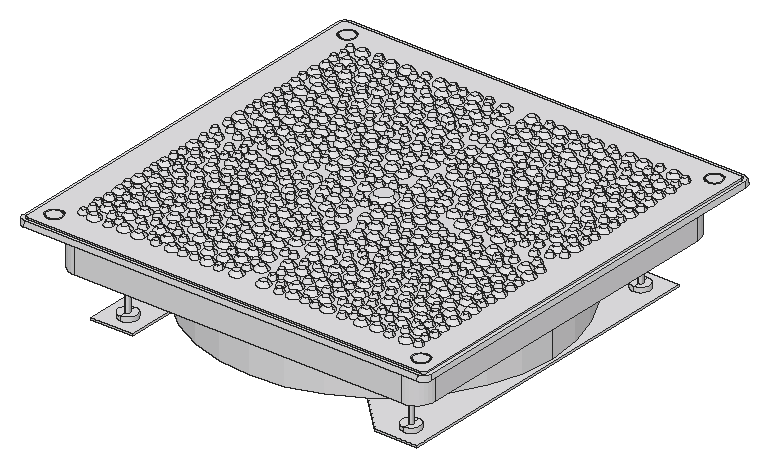
Revit family "Shower-Rainhead-KOHLER-REAL_RAIN-76728GL_1", category Plumbing Fixtures, host Face, Revit 2017 (continued)
Definition of nested family "76728GL"
  Forms (in)
    Blend 329, solid, detail levels medium+fine
      top sketch origin (-7.13072, -5.58205, 0) x (-1, 0, 0) y (0, -1, 0)
        loop
          circle (-7.85379, -7.80181) r 0.11854
      from 4.48819 to 4.64961
    Blend 330, solid, detail levels medium+fine
      base sketch origin (-5.44577, -6.12952, 0) x (-1, 0, 0) y (0, -1, 0)
        loop
          circle (-7.85379, -7.80181) r 0.19685
      top sketch origin (-5.44577, -6.12952, 0) x (-1, 0, 0) y (0, -1, 0)
        loop
          circle (-7.85379, -7.80181) r 0.11854
      from 4.48819 to 4.64961
    Blend 331, solid, detail levels medium+fine
      base sketch origin (-5.19714, -5.66191, 0) x (-1, 0, 0) y (0, -1, 0)
        loop
          circle (-7.85379, -7.80181) r 0.19685
      top sketch origin (-5.19714, -5.66191, 0) x (-1, 0, 0) y (0, -1, 0)
        loop
          circle (-7.85379, -7.80181) r 0.11854
      from 4.48819 to 4.64961
    Blend 332, solid, detail levels medium+fine
      base sketch origin (-4.68225, -5.41066, 0) x (-1, 0, 0) y (0, -1, 0)
        loop
          circle (-7.85379, -7.80181) r 0.19685
      top sketch origin (-4.68225, -5.41066, 0) x (-1, 0, 0) y (0, -1, 0)
        loop
          circle (-7.85379, -7.80181) r 0.11854
      from 4.48819 to 4.64961
    Blend 333, solid, detail levels medium+fine
      base sketch origin (-4.3512, -5.01612, 0) x (-1, 0, 0) y (0, -1, 0)
        loop
          circle (-7.85379, -7.80181) r 0.19685
      top sketch origin (-4.3512, -5.01612, 0) x (-1, 0, 0) y (0, -1, 0)
        loop
          circle (-7.85379, -7.80181) r 0.11854
      from 4.48819 to 4.64961
    Blend 334, solid, detail levels medium+fine
      base sketch origin (-3.63709, -5.5944, 0) x (-1, 0, 0) y (0, -1, 0)
        loop
          circle (-7.85379, -7.80181) r 0.19685
      top sketch origin (-3.63709, -5.5944, 0) x (-1, 0, 0) y (0, -1, 0)
        loop
          circle (-7.85379, -7.80181) r 0.11854
      from 4.48819 to 4.64961
    Blend 335, solid, detail levels medium+fine
      base sketch origin (-3.15174, -4.92637, 0) x (-1, 0, 0) y (0, -1, 0)
        loop
          circle (-7.85379, -7.80181) r 0.19685
      top sketch origin (-3.15174, -4.92637, 0) x (-1, 0, 0) y (0, -1, 0)
        loop
          circle (-7.85379, -7.80181) r 0.11854
      from 4.48819 to 4.64961
    Blend 336, solid, detail levels medium+fine
      base sketch origin (-4.00009, -3.84052, 0) x (-1, 0, 0) y (0, -1, 0)
        loop
          circle (-7.85379, -7.80181) r 0.19685
      top sketch origin (-4.00009, -3.84052, 0) x (-1, 0, 0) y (0, -1, 0)
        loop
          circle (-7.85379, -7.80181) r 0.11854
      from 4.48819 to 4.64961
    Blend 337, solid, detail levels medium+fine
      base sketch origin (-5.08661, -4.01261, 0) x (-1, 0, 0) y (0, -1, 0)
        loop
          circle (-7.85379, -7.80181) r 0.19685
      top sketch origin (-5.08661, -4.01261, 0) x (-1, 0, 0) y (0, -1, 0)
        loop
          circle (-7.85379, -7.80181) r 0.11854
      from 4.48819 to 4.64961
    Blend 338, solid, detail levels medium+fine
      base sketch origin (-5.76645, -3.94116, 0) x (-1, 0, 0) y (0, -1, 0)
        loop
          circle (-7.85379, -7.80181) r 0.19685
      top sketch origin (-5.76645, -3.94116, 0) x (-1, 0, 0) y (0, -1, 0)
        loop
          circle (-7.85379, -7.80181) r 0.11854
      from 4.48819 to 4.64961
    Blend 339, solid, detail levels medium+fine
      base sketch origin (-5.39187, -3.56657, 0) x (-1, 0, 0) y (0, -1, 0)
        loop
          circle (-7.85379, -7.80181) r 0.19685
      top sketch origin (-5.39187, -3.56657, 0) x (-1, 0, 0) y (0, -1, 0)
        loop
          circle (-7.85379, -7.80181) r 0.11854
      from 4.48819 to 4.64961
    Blend 340, solid, detail levels medium+fine
      base sketch origin (-6.17927, -3.56657, 0) x (-1, 0, 0) y (0, -1, 0)
        loop
          circle (-7.85379, -7.80181) r 0.19685
      top sketch origin (-6.17927, -3.56657, 0) x (-1, 0, 0) y (0, -1, 0)
        loop
          circle (-7.85379, -7.80181) r 0.11854
      from 4.48819 to 4.64961
    Blend 341, solid, detail levels medium+fine
      base sketch origin (-7.09044, -3.74369, 0) x (-1, 0, 0) y (0, -1, 0)
        loop
          circle (-7.85379, -7.80181) r 0.19685
      top sketch origin (-7.09044, -3.74369, 0) x (-1, 0, 0) y (0, -1, 0)
        loop
          circle (-7.85379, -7.80181) r 0.11854
      from 4.48819 to 4.64961
    Blend 342, solid, detail levels medium+fine
      base sketch origin (-7.54077, -3.66428, 0) x (-1, 0, 0) y (0, -1, 0)
        loop
          circle (-7.85379, -7.80181) r 0.19685
      top sketch origin (-7.54077, -3.66428, 0) x (-1, 0, 0) y (0, -1, 0)
        loop
          circle (-7.85379, -7.80181) r 0.11854
      from 4.48819 to 4.64961
    Blend 343, solid, detail levels medium+fine
      base sketch origin (-6.98399, -4.22106, 0) x (-1, 0, 0) y (0, -1, 0)
        loop
          circle (-7.85379, -7.80181) r 0.19685
      top sketch origin (-6.98399, -4.22106, 0) x (-1, 0, 0) y (0, -1, 0)
        loop
          circle (-7.85379, -7.80181) r 0.11854
      from 4.48819 to 4.64961
    Blend 344, solid, detail levels medium+fine
      base sketch origin (-7.21914, -4.62835, 0) x (-1, 0, 0) y (0, -1, 0)
        loop
          circle (-7.85379, -7.80181) r 0.19685
      top sketch origin (-7.21914, -4.62835, 0) x (-1, 0, 0) y (0, -1, 0)
        loop
          circle (-7.85379, -7.80181) r 0.11854
      from 4.48819 to 4.64961
    Blend 345, solid, detail levels medium+fine
      base sketch origin (-6.35688, -4.62835, 0) x (-1, 0, 0) y (0, -1, 0)
        loop
          circle (-7.85379, -7.80181) r 0.19685
      top sketch origin (-6.35688, -4.62835, 0) x (-1, 0, 0) y (0, -1, 0)
        loop
          circle (-7.85379, -7.80181) r 0.11854
      from 4.48819 to 4.64961
    Blend 346, solid, detail levels medium+fine
      base sketch origin (-5.25454, -4.53191, 0) x (-1, 0, 0) y (0, -1, 0)
        loop
          circle (-7.85379, -7.80181) r 0.19685
      top sketch origin (-5.25454, -4.53191, 0) x (-1, 0, 0) y (0, -1, 0)
        loop
          circle (-7.85379, -7.80181) r 0.11854
      from 4.48819 to 4.64961
    Blend 347, solid, detail levels medium+fine
      base sketch origin (-4.9788, -3.42599, 0) x (-1, 0, 0) y (0, -1, 0)
        loop
          circle (-7.85379, -7.80181) r 0.19685
      top sketch origin (-4.9788, -3.42599, 0) x (-1, 0, 0) y (0, -1, 0)
        loop
          circle (-7.85379, -7.80181) r 0.11854
      from 4.48819 to 4.64961
    Blend 348, solid, detail levels medium+fine
      base sketch origin (-4.07231, -4.39808, 0) x (-1, 0, 0) y (0, -1, 0)
        loop
          circle (-7.85379, -7.80181) r 0.19685
      top sketch origin (-4.07231, -4.39808, 0) x (-1, 0, 0) y (0, -1, 0)
        loop
          circle (-7.85379, -7.80181) r 0.11854
      from 4.48819 to 4.64961
    Blend 349, solid, detail levels medium+fine
      base sketch origin (-4.25708, -3.23152, 0) x (-1, 0, 0) y (0, -1, 0)
        loop
          circle (-7.85379, -7.80181) r 0.19685
      top sketch origin (-4.25708, -3.23152, 0) x (-1, 0, 0) y (0, -1, 0)
        loop
          circle (-7.85379, -7.80181) r 0.11854
      from 4.48819 to 4.64961
    Blend 350, solid, detail levels medium+fine
      base sketch origin (-4.06819, -2.71257, 0) x (-1, 0, 0) y (0, -1, 0)
        loop
          circle (-7.85379, -7.80181) r 0.19685
      top sketch origin (-4.06819, -2.71257, 0) x (-1, 0, 0) y (0, -1, 0)
        loop
          circle (-7.85379, -7.80181) r 0.11854
      from 4.48819 to 4.64961
    Blend 351, solid, detail levels medium+fine
      base sketch origin (-5.36187, -2.80303, 0) x (-1, 0, 0) y (0, -1, 0)
        loop
          circle (-7.85379, -7.80181) r 0.19685
      top sketch origin (-5.36187, -2.80303, 0) x (-1, 0, 0) y (0, -1, 0)
        loop
          circle (-7.85379, -7.80181) r 0.11854
      from 4.48819 to 4.64961
    Blend 352, solid, detail levels medium+fine
      base sketch origin (-3.46801, -1.75325, 0) x (-1, 0, 0) y (0, -1, 0)
        loop
          circle (-7.85379, -7.80181) r 0.19685
      top sketch origin (-3.46801, -1.75325, 0) x (-1, 0, 0) y (0, -1, 0)
        loop
          circle (-7.85379, -7.80181) r 0.11854
      from 4.48819 to 4.64961
    Blend 353, solid, detail levels medium+fine
      base sketch origin (-3.71758, -2.28847, 0) x (-1, 0, 0) y (0, -1, 0)
        loop
          circle (-7.85379, -7.80181) r 0.19685
      top sketch origin (-3.71758, -2.28847, 0) x (-1, 0, 0) y (0, -1, 0)
        loop
          circle (-7.85379, -7.80181) r 0.11854
      from 4.48819 to 4.64961
    Blend 354, solid, detail levels medium+fine
      base sketch origin (-5.07811, -1.6249, 0) x (-1, 0, 0) y (0, -1, 0)
        loop
          circle (-7.85379, -7.80181) r 0.19685
      top sketch origin (-5.07811, -1.6249, 0) x (-1, 0, 0) y (0, -1, 0)
        loop
          circle (-7.85379, -7.80181) r 0.11854
      from 4.48819 to 4.64961
    Blend 355, solid, detail levels medium+fine
      base sketch origin (-5.46194, -1.94697, 0) x (-1, 0, 0) y (0, -1, 0)
        loop
          circle (-7.85379, -7.80181) r 0.19685
      top sketch origin (-5.46194, -1.94697, 0) x (-1, 0, 0) y (0, -1, 0)
        loop
          circle (-7.85379, -7.80181) r 0.11854
      from 4.48819 to 4.64961
    Blend 356, solid, detail levels medium+fine
      base sketch origin (-6.49561, -2.20469, 0) x (-1, 0, 0) y (0, -1, 0)
        loop
          circle (-7.85379, -7.80181) r 0.19685
      top sketch origin (-6.49561, -2.20469, 0) x (-1, 0, 0) y (0, -1, 0)
        loop
          circle (-7.85379, -7.80181) r 0.11854
      from 4.48819 to 4.64961
    Blend 357, solid, detail levels medium+fine
      base sketch origin (-6.98682, -2.07307, 0) x (-1, 0, 0) y (0, -1, 0)
        loop
          circle (-7.85379, -7.80181) r 0.19685
      top sketch origin (-6.98682, -2.07307, 0) x (-1, 0, 0) y (0, -1, 0)
        loop
          circle (-7.85379, -7.80181) r 0.11854
      from 4.48819 to 4.64961
    Blend 358, solid, detail levels medium+fine
      base sketch origin (-4.64222, -1.78519, 0) x (-1, 0, 0) y (0, -1, 0)
        loop
          circle (-7.85379, -7.80181) r 0.19685
      top sketch origin (-4.64222, -1.78519, 0) x (-1, 0, 0) y (0, -1, 0)
        loop
          circle (-7.85379, -7.80181) r 0.11854
      from 4.48819 to 4.64961
    Blend 359, solid, detail levels medium+fine
      base sketch origin (-6.06948, -1.11965, 0) x (-1, 0, 0) y (0, -1, 0)
        loop
          circle (-7.85379, -7.80181) r 0.19685
      top sketch origin (-6.06948, -1.11965, 0) x (-1, 0, 0) y (0, -1, 0)
        loop
          circle (-7.85379, -7.80181) r 0.11854
      from 4.48819 to 4.64961
    Blend 360, solid, detail levels medium+fine
      base sketch origin (-5.09062, -1.01677, 0) x (-1, 0, 0) y (0, -1, 0)
        loop
          circle (-7.85379, -7.80181) r 0.19685
      top sketch origin (-5.09062, -1.01677, 0) x (-1, 0, 0) y (0, -1, 0)
        loop
          circle (-7.85379, -7.80181) r 0.11854
      from 4.48819 to 4.64961
    Blend 361, solid, detail levels medium+fine
      base sketch origin (-3.64343, -1.01677, 0) x (-1, 0, 0) y (0, -1, 0)
        loop
          circle (-7.85379, -7.80181) r 0.19685
      top sketch origin (-3.64343, -1.01677, 0) x (-1, 0, 0) y (0, -1, 0)
        loop
          circle (-7.85379, -7.80181) r 0.11854
      from 4.48819 to 4.64961
    Blend 362, solid, detail levels medium+fine
      base sketch origin (-3.18902, -1.27913, 0) x (-1, 0, 0) y (0, -1, 0)
        loop
          circle (-7.85379, -7.80181) r 0.19685
      top sketch origin (-3.18902, -1.27913, 0) x (-1, 0, 0) y (0, -1, 0)
        loop
          circle (-7.85379, -7.80181) r 0.11854
      from 4.48819 to 4.64961
    Blend 363, solid, detail levels medium+fine
      base sketch origin (-4.12496, -0.71675, 0) x (-1, 0, 0) y (0, -1, 0)
        loop
          circle (-7.85379, -7.80181) r 0.19685
      top sketch origin (-4.12496, -0.71675, 0) x (-1, 0, 0) y (0, -1, 0)
        loop
          circle (-7.85379, -7.80181) r 0.11854
      from 4.48819 to 4.64961
    Blend 364, solid, detail levels medium+fine
      base sketch origin (-7.25732, -1.04598, 0) x (-1, 0, 0) y (0, -1, 0)
        loop
          circle (-7.85379, -7.80181) r 0.19685
      top sketch origin (-7.25732, -1.04598, 0) x (-1, 0, 0) y (0, -1, 0)
        loop
          circle (-7.85379, -7.80181) r 0.11854
      from 4.48819 to 4.64961
    Blend 365, solid, detail levels medium+fine
      base sketch origin (-7.25732, -0.52471, 0) x (-1, 0, 0) y (0, -1, 0)
        loop
          circle (-7.85379, -7.80181) r 0.19685
      top sketch origin (-7.25732, -0.52471, 0) x (-1, 0, 0) y (0, -1, 0)
        loop
          circle (-7.85379, -7.80181) r 0.11854
      from 4.48819 to 4.64961
    Blend 366, solid, detail levels medium+fine
      base sketch origin (-5.26036, 0.04791, 0) x (-1, 0, 0) y (0, -1, 0)
        loop
          circle (-7.85379, -7.80181) r 0.19685
      top sketch origin (-5.26036, 0.04791, 0) x (-1, 0, 0) y (0, -1, 0)
        loop
          circle (-7.85379, -7.80181) r 0.11854
      from 4.48819 to 4.64961
    Blend 367, solid, detail levels medium+fine
      base sketch origin (-6.43984, 0.10973, 0) x (-1, 0, 0) y (0, -1, 0)
        loop
          circle (-7.85379, -7.80181) r 0.19685
      top sketch origin (-6.43984, 0.10973, 0) x (-1, 0, 0) y (0, -1, 0)
        loop
          circle (-7.85379, -7.80181) r 0.11854
      from 4.48819 to 4.64961
    Blend 368, solid, detail levels medium+fine
      base sketch origin (-6.67879, -0.30414, 0) x (-1, 0, 0) y (0, -1, 0)
        loop
          circle (-7.85379, -7.80181) r 0.19685
      top sketch origin (-6.67879, -0.30414, 0) x (-1, 0, 0) y (0, -1, 0)
        loop
          circle (-7.85379, -7.80181) r 0.11854
      from 4.48819 to 4.64961
    Blend 369, solid, detail levels medium+fine
      base sketch origin (-4.7533, 0.10513, 0) x (-1, 0, 0) y (0, -1, 0)
        loop
          circle (-7.85379, -7.80181) r 0.19685
      top sketch origin (-4.7533, 0.10513, 0) x (-1, 0, 0) y (0, -1, 0)
        loop
          circle (-7.85379, -7.80181) r 0.11854
      from 4.48819 to 4.64961
    Blend 370, solid, detail levels medium+fine
      base sketch origin (-3.48769, 0.10513, 0) x (-1, 0, 0) y (0, -1, 0)
        loop
          circle (-7.85379, -7.80181) r 0.19685
      top sketch origin (-3.48769, 0.10513, 0) x (-1, 0, 0) y (0, -1, 0)
        loop
          circle (-7.85379, -7.80181) r 0.11854
      from 4.48819 to 4.64961
    Blend 371, solid, detail levels medium+fine
      base sketch origin (-3.12201, -0.15093, 0) x (-1, 0, 0) y (0, -1, 0)
        loop
          circle (-7.85379, -7.80181) r 0.19685
      top sketch origin (-3.12201, -0.15093, 0) x (-1, 0, 0) y (0, -1, 0)
        loop
          circle (-7.85379, -7.80181) r 0.11854
      from 4.48819 to 4.64961
    Blend 372, solid, detail levels medium+fine
      base sketch origin (-1.39035, -0.04876, 0) x (-1, 0, 0) y (0, -1, 0)
        loop
          circle (-7.30834, -7.84791) r 0.29156
      top sketch origin (-1.39035, -0.04876, 0) x (-1, 0, 0) y (0, -1, 0)
        loop
          circle (-7.30834, -7.84791) r 0.15606
      from 4.48819 to 4.65
    Blend 373, solid, detail levels medium+fine
      base sketch origin (-2.52047, -5.48086, 0) x (-1, 0, 0) y (0, -1, 0)
        loop
          circle (-7.30834, -7.84791) r 0.29156
      top sketch origin (-2.52047, -5.48086, 0) x (-1, 0, 0) y (0, -1, 0)
        loop
          circle (-7.30834, -7.84791) r 0.15606
      from 4.48819 to 4.65
    Blend 374, solid, detail levels medium+fine
      base sketch origin (-2.53284, -5.24171, 0) x (-1, 0, 0) y (0, -1, 0)
        loop
          circle (-7.85379, -7.80181) r 0.19685
      top sketch origin (-2.53284, -5.24171, 0) x (-1, 0, 0) y (0, -1, 0)
        loop
          circle (-7.85379, -7.80181) r 0.11854
      from 4.48819 to 4.64961
    Blend 375, solid, detail levels medium+fine
      base sketch origin (-5.62798, -5.13362, 0) x (-1, 0, 0) y (0, -1, 0)
        loop
          circle (-7.85379, -7.80181) r 0.19685
      top sketch origin (-5.62798, -5.13362, 0) x (-1, 0, 0) y (0, -1, 0)
        loop
          circle (-7.85379, -7.80181) r 0.11854
      from 4.48819 to 4.64961
    Blend 376, solid, detail levels medium+fine
      base sketch origin (-5.22972, -5.78888, 0) x (-1, 0, 0) y (0, -1, 0)
        loop
          circle (-7.30834, -7.84791) r 0.29156
      top sketch origin (-5.22972, -5.78888, 0) x (-1, 0, 0) y (0, -1, 0)
        loop
          circle (-7.30834, -7.84791) r 0.15606
      from 4.48819 to 4.65
    Blend 377, solid, detail levels medium+fine
      base sketch origin (-5.71711, -5.30149, 0) x (-1, 0, 0) y (0, -1, 0)
        loop
          circle (-7.30834, -7.84791) r 0.29156
      top sketch origin (-5.71711, -5.30149, 0) x (-1, 0, 0) y (0, -1, 0)
        loop
          circle (-7.30834, -7.84791) r 0.15606
      from 4.48819 to 4.65
    Blend 378, solid, detail levels medium+fine
      base sketch origin (-6.28821, -5.03518, 0) x (-1, 0, 0) y (0, -1, 0)
        loop
          circle (-7.30834, -7.84791) r 0.29156
      top sketch origin (-6.28821, -5.03518, 0) x (-1, 0, 0) y (0, -1, 0)
        loop
          circle (-7.30834, -7.84791) r 0.15606
      from 4.48819 to 4.65
    Blend 379, solid, detail levels medium+fine
      base sketch origin (-4.5606, -6.6462, 0) x (-1, 0, 0) y (0, -1, 0)
        loop
          circle (-7.30834, -7.84791) r 0.29156
      top sketch origin (-4.5606, -6.6462, 0) x (-1, 0, 0) y (0, -1, 0)
        loop
          circle (-7.30834, -7.84791) r 0.15606
      from 4.48819 to 4.65
    Blend 380, solid, detail levels medium+fine
      base sketch origin (-6.15635, -5.93567, 0) x (-1, 0, 0) y (0, -1, 0)
        loop
          circle (-7.30834, -7.84791) r 0.29156
      top sketch origin (-6.15635, -5.93567, 0) x (-1, 0, 0) y (0, -1, 0)
        loop
          circle (-7.30834, -7.84791) r 0.15606
      from 4.48819 to 4.65
    Blend 381, solid, detail levels medium+fine
      base sketch origin (-5.32118, -6.77084, 0) x (-1, 0, 0) y (0, -1, 0)
        loop
          circle (-7.30834, -7.84791) r 0.29156
      top sketch origin (-5.32118, -6.77084, 0) x (-1, 0, 0) y (0, -1, 0)
        loop
          circle (-7.30834, -7.84791) r 0.15606
      from 4.48819 to 4.65
    Blend 382, solid, detail levels medium+fine
      base sketch origin (-6.00255, -6.58826, 0) x (-1, 0, 0) y (0, -1, 0)
        loop
          circle (-7.30834, -7.84791) r 0.29156
      top sketch origin (-6.00255, -6.58826, 0) x (-1, 0, 0) y (0, -1, 0)
        loop
          circle (-7.30834, -7.84791) r 0.15606
      from 4.48819 to 4.65
    Blend 383, solid, detail levels medium+fine
      base sketch origin (-6.81064, -6.12171, 0) x (-1, 0, 0) y (0, -1, 0)
        loop
          circle (-7.30834, -7.84791) r 0.29156
      top sketch origin (-6.81064, -6.12171, 0) x (-1, 0, 0) y (0, -1, 0)
        loop
          circle (-7.30834, -7.84791) r 0.15606
      from 4.48819 to 4.65
    Blend 384, solid, detail levels medium+fine
      base sketch origin (-6.6578, -6.69214, 0) x (-1, 0, 0) y (0, -1, 0)
        loop
          circle (-7.30834, -7.84791) r 0.29156
      top sketch origin (-6.6578, -6.69214, 0) x (-1, 0, 0) y (0, -1, 0)
        loop
          circle (-7.30834, -7.84791) r 0.15606
      from 4.48819 to 4.65
    Blend 385, solid, detail levels medium+fine
      base sketch origin (-5.16069, -7.32763, 0) x (-1, 0, 0) y (0, -1, 0)
        loop
          circle (-7.30834, -7.84791) r 0.29156
      top sketch origin (-5.16069, -7.32763, 0) x (-1, 0, 0) y (0, -1, 0)
        loop
          circle (-7.30834, -7.84791) r 0.15606
      from 4.48819 to 4.65
    Blend 386, solid, detail levels medium+fine
      base sketch origin (-4.48435, -7.28033, 0) x (-1, 0, 0) y (0, -1, 0)
        loop
          circle (-7.30834, -7.84791) r 0.29156
      top sketch origin (-4.48435, -7.28033, 0) x (-1, 0, 0) y (0, -1, 0)
        loop
          circle (-7.30834, -7.84791) r 0.15606
      from 4.48819 to 4.65
    Blend 387, solid, detail levels medium+fine
      base sketch origin (-1.17297, -7.07796, 0) x (-1, 0, 0) y (0, -1, 0)
        loop
          circle (-7.85379, -7.80181) r 0.19685
      top sketch origin (-1.17297, -7.07796, 0) x (-1, 0, 0) y (0, -1, 0)
        loop
          circle (-7.85379, -7.80181) r 0.11854
      from 4.48819 to 4.64961
    Blend 388, solid, detail levels medium+fine
      base sketch origin (-7.65763, -2.25778, 0) x (-1, 0, 0) y (0, -1, 0)
        loop
          circle (-7.85379, -7.80181) r 0.19685
      top sketch origin (-7.65763, -2.25778, 0) x (-1, 0, 0) y (0, -1, 0)
        loop
          circle (-7.85379, -7.80181) r 0.11854
      from 4.48819 to 4.64961
    Blend 389, solid, detail levels medium+fine
      base sketch origin (0, 0, 0) x (-1, 0, 0) y (0, -1, 0)
        loop
          circle (-7.30834, 7.84791) r 0.29156
      top sketch origin (0, 0, 0) x (-1, 0, 0) y (0, -1, 0)
        loop
          circle (-7.30834, 7.84791) r 0.15606
      from 4.48819 to 4.65
    Blend 390, solid, detail levels medium+fine
      base sketch origin (-2.0876, 0, 0) x (-1, 0, 0) y (0, -1, 0)
        loop
          circle (-7.30834, 7.84791) r 0.29156
      top sketch origin (-2.0876, 0, 0) x (-1, 0, 0) y (0, -1, 0)
        loop
          circle (-7.30834, 7.84791) r 0.15606
      from 4.48819 to 4.65
    Blend 391, solid, detail levels medium+fine
      base sketch origin (-3.6624, 0, 0) x (-1, 0, 0) y (0, -1, 0)
        loop
          circle (-7.30834, 7.84791) r 0.29156
      top sketch origin (-3.6624, 0, 0) x (-1, 0, 0) y (0, -1, 0)
        loop
          circle (-7.30834, 7.84791) r 0.15606
      from 4.48819 to 4.65
    Blend 392, solid, detail levels medium+fine
      base sketch origin (-5.30487, 0.02461, 0) x (-1, 0, 0) y (0, -1, 0)
        loop
          circle (-7.30834, 7.84791) r 0.29156
      top sketch origin (-5.30487, 0.02461, 0) x (-1, 0, 0) y (0, -1, 0)
        loop
          circle (-7.30834, 7.84791) r 0.15606
      from 4.48819 to 4.65
    Blend 393, solid, detail levels medium+fine
      base sketch origin (-6.68282, 0, 0) x (-1, 0, 0) y (0, -1, 0)
        loop
          circle (-7.30834, 7.84791) r 0.29156
      top sketch origin (-6.68282, 0, 0) x (-1, 0, 0) y (0, -1, 0)
        loop
          circle (-7.30834, 7.84791) r 0.15606
      from 4.48819 to 4.65
    Blend 394, solid, detail levels medium+fine
      base sketch origin (0.0289, 0.83652, 0) x (-1, 0, 0) y (0, -1, 0)
        loop
          circle (-7.30834, 7.84791) r 0.29156
      top sketch origin (0.0289, 0.83652, 0) x (-1, 0, 0) y (0, -1, 0)
        loop
          circle (-7.30834, 7.84791) r 0.15606
      from 4.48819 to 4.65
    Blend 395, solid, detail levels medium+fine
      base sketch origin (-0.9243, 0.90317, 0) x (-1, 0, 0) y (0, -1, 0)
        loop
          circle (-7.30834, 7.84791) r 0.29156
      top sketch origin (-0.9243, 0.90317, 0) x (-1, 0, 0) y (0, -1, 0)
        loop
          circle (-7.30834, 7.84791) r 0.15606
      from 4.48819 to 4.65
    Blend 396, solid, detail levels medium+fine
      base sketch origin (-2.48199, 0.76689, 0) x (-1, 0, 0) y (0, -1, 0)
        loop
          circle (-7.30834, 7.84791) r 0.29156
      top sketch origin (-2.48199, 0.76689, 0) x (-1, 0, 0) y (0, -1, 0)
        loop
          circle (-7.30834, 7.84791) r 0.15606
      from 4.48819 to 4.65
    Blend 397, solid, detail levels medium+fine
      base sketch origin (-3.09051, 0.45684, 0) x (-1, 0, 0) y (0, -1, 0)
        loop
          circle (-7.30834, 7.84791) r 0.29156
      top sketch origin (-3.09051, 0.45684, 0) x (-1, 0, 0) y (0, -1, 0)
        loop
          circle (-7.30834, 7.84791) r 0.15606
      from 4.48819 to 4.65
    Blend 398, solid, detail levels medium+fine
      base sketch origin (-4.16835, 0.50258, 0) x (-1, 0, 0) y (0, -1, 0)
        loop
          circle (-7.30834, 7.84791) r 0.29156
      top sketch origin (-4.16835, 0.50258, 0) x (-1, 0, 0) y (0, -1, 0)
        loop
          circle (-7.30834, 7.84791) r 0.15606
      from 4.48819 to 4.65
    Blend 399, solid, detail levels medium+fine
      base sketch origin (-4.89122, 0.60418, 0) x (-1, 0, 0) y (0, -1, 0)
        loop
          circle (-7.30834, 7.84791) r 0.29156
      top sketch origin (-4.89122, 0.60418, 0) x (-1, 0, 0) y (0, -1, 0)
        loop
          circle (-7.30834, 7.84791) r 0.15606
      from 4.48819 to 4.65
    Blend 400, solid, detail levels medium+fine
      base sketch origin (-5.61857, 0.59148, 0) x (-1, 0, 0) y (0, -1, 0)
        loop
          circle (-7.30834, 7.84791) r 0.29156
      top sketch origin (-5.61857, 0.59148, 0) x (-1, 0, 0) y (0, -1, 0)
        loop
          circle (-7.30834, 7.84791) r 0.15606
      from 4.48819 to 4.65
    Blend 401, solid, detail levels medium+fine
      base sketch origin (-6.14053, 0.9848, 0) x (-1, 0, 0) y (0, -1, 0)
        loop
          circle (-7.30834, 7.84791) r 0.29156
      top sketch origin (-6.14053, 0.9848, 0) x (-1, 0, 0) y (0, -1, 0)
        loop
          circle (-7.30834, 7.84791) r 0.15606
      from 4.48819 to 4.65
    Blend 402, solid, detail levels medium+fine
      base sketch origin (-6.85018, 1.66347, 0) x (-1, 0, 0) y (0, -1, 0)
        loop
          circle (-7.30834, 7.84791) r 0.29156
      top sketch origin (-6.85018, 1.66347, 0) x (-1, 0, 0) y (0, -1, 0)
        loop
          circle (-7.30834, 7.84791) r 0.15606
      from 4.48819 to 4.65
    Blend 403, solid, detail levels medium+fine
      base sketch origin (-6.157, 1.60283, 0) x (-1, 0, 0) y (0, -1, 0)
        loop
          circle (-7.30834, 7.84791) r 0.29156
      top sketch origin (-6.157, 1.60283, 0) x (-1, 0, 0) y (0, -1, 0)
        loop
          circle (-7.30834, 7.84791) r 0.15606
      from 4.48819 to 4.65
    Blend 404, solid, detail levels medium+fine
      base sketch origin (-5.55442, 1.83414, 0) x (-1, 0, 0) y (0, -1, 0)
        loop
          circle (-7.30834, 7.84791) r 0.29156
      top sketch origin (-5.55442, 1.83414, 0) x (-1, 0, 0) y (0, -1, 0)
        loop
          circle (-7.30834, 7.84791) r 0.15606
      from 4.48819 to 4.65
    Blend 405, solid, detail levels medium+fine
      base sketch origin (-5.00582, 1.40553, 0) x (-1, 0, 0) y (0, -1, 0)
        loop
          circle (-7.30834, 7.84791) r 0.29156
      top sketch origin (-5.00582, 1.40553, 0) x (-1, 0, 0) y (0, -1, 0)
        loop
          circle (-7.30834, 7.84791) r 0.15606
      from 4.48819 to 4.65
    Blend 406, solid, detail levels medium+fine
      base sketch origin (-4.00507, 1.211, 0) x (-1, 0, 0) y (0, -1, 0)
        loop
          circle (-7.30834, 7.84791) r 0.29156
      top sketch origin (-4.00507, 1.211, 0) x (-1, 0, 0) y (0, -1, 0)
        loop
          circle (-7.30834, 7.84791) r 0.15606
      from 4.48819 to 4.65
    Blend 407, solid, detail levels medium+fine
      base sketch origin (-3.45712, 1.6091, 0) x (-1, 0, 0) y (0, -1, 0)
        loop
          circle (-7.30834, 7.84791) r 0.29156
      top sketch origin (-3.45712, 1.6091, 0) x (-1, 0, 0) y (0, -1, 0)
        loop
          circle (-7.30834, 7.84791) r 0.15606
      from 4.48819 to 4.65
    Blend 408, solid, detail levels medium+fine
      base sketch origin (-2.30183, 1.85467, 0) x (-1, 0, 0) y (0, -1, 0)
        loop
          circle (-7.30834, 7.84791) r 0.29156
      top sketch origin (-2.30183, 1.85467, 0) x (-1, 0, 0) y (0, -1, 0)
        loop
          circle (-7.30834, 7.84791) r 0.15606
      from 4.48819 to 4.65
    Blend 409, solid, detail levels medium+fine
      base sketch origin (-1.18508, 1.47014, 0) x (-1, 0, 0) y (0, -1, 0)
        loop
          circle (-7.30834, 7.84791) r 0.29156
      top sketch origin (-1.18508, 1.47014, 0) x (-1, 0, 0) y (0, -1, 0)
        loop
          circle (-7.30834, 7.84791) r 0.15606
      from 4.48819 to 4.65
    Blend 410, solid, detail levels medium+fine
      base sketch origin (-1.03024, 2.19859, 0) x (-1, 0, 0) y (0, -1, 0)
        loop
          circle (-7.30834, 7.84791) r 0.29156
      top sketch origin (-1.03024, 2.19859, 0) x (-1, 0, 0) y (0, -1, 0)
        loop
          circle (-7.30834, 7.84791) r 0.15606
      from 4.48819 to 4.65
    Blend 411, solid, detail levels medium+fine
      base sketch origin (0.0373, 2.58312, 0) x (-1, 0, 0) y (0, -1, 0)
        loop
          circle (-7.30834, 7.84791) r 0.29156
      top sketch origin (0.0373, 2.58312, 0) x (-1, 0, 0) y (0, -1, 0)
        loop
          circle (-7.30834, 7.84791) r 0.15606
      from 4.48819 to 4.65
    Blend 412, solid, detail levels medium+fine
      base sketch origin (0.5041, 2.14094, 0) x (-1, 0, 0) y (0, -1, 0)
        loop
          circle (-7.30834, 7.84791) r 0.29156
      top sketch origin (0.5041, 2.14094, 0) x (-1, 0, 0) y (0, -1, 0)
        loop
          circle (-7.30834, 7.84791) r 0.15606
      from 4.48819 to 4.65
    Blend 413, solid, detail levels medium+fine
      base sketch origin (-0.55747, 1.64778, 0) x (-1, 0, 0) y (0, -1, 0)
        loop
          circle (-7.30834, 7.84791) r 0.29156
      top sketch origin (-0.55747, 1.64778, 0) x (-1, 0, 0) y (0, -1, 0)
        loop
          circle (-7.30834, 7.84791) r 0.15606
      from 4.48819 to 4.65
    Blend 414, solid, detail levels medium+fine
      base sketch origin (0.48833, 1.51937, 0) x (-1, 0, 0) y (0, -1, 0)
        loop
          circle (-7.30834, 7.84791) r 0.23622
      top sketch origin (0.48833, 1.51937, 0) x (-1, 0, 0) y (0, -1, 0)
        loop
          circle (-7.30834, 7.84791) r 0.11811
      from 4.48819 to 4.65
    Blend 415, solid, detail levels medium+fine
      base sketch origin (0.51294, 3.26642, 0) x (-1, 0, 0) y (0, -1, 0)
        loop
          circle (-7.30834, 7.84791) r 0.29156
      top sketch origin (0.51294, 3.26642, 0) x (-1, 0, 0) y (0, -1, 0)
        loop
          circle (-7.30834, 7.84791) r 0.15606
      from 4.48819 to 4.65
    Blend 416, solid, detail levels medium+fine
      base sketch origin (-0.38399, 3.04893, 0) x (-1, 0, 0) y (0, -1, 0)
        loop
          circle (-7.30834, 7.84791) r 0.29156
      top sketch origin (-0.38399, 3.04893, 0) x (-1, 0, 0) y (0, -1, 0)
        loop
          circle (-7.30834, 7.84791) r 0.15606
      from 4.48819 to 4.65
    Blend 417, solid, detail levels medium+fine
      base sketch origin (-0.015, 3.60051, 0) x (-1, 0, 0) y (0, -1, 0)
        loop
          circle (-7.30834, 7.84791) r 0.29156
      top sketch origin (-0.015, 3.60051, 0) x (-1, 0, 0) y (0, -1, 0)
        loop
          circle (-7.30834, 7.84791) r 0.15606
      from 4.48819 to 4.65
    Blend 418, solid, detail levels medium+fine
      base sketch origin (-1.03016, 2.98184, 0) x (-1, 0, 0) y (0, -1, 0)
        loop
          circle (-7.30834, 7.84791) r 0.29156
      top sketch origin (-1.03016, 2.98184, 0) x (-1, 0, 0) y (0, -1, 0)
        loop
          circle (-7.30834, 7.84791) r 0.15606
      from 4.48819 to 4.65
    Blend 419, solid, detail levels medium+fine
      base sketch origin (-1.12122, 3.6132, 0) x (-1, 0, 0) y (0, -1, 0)
        loop
          circle (-7.30834, 7.84791) r 0.29156
      top sketch origin (-1.12122, 3.6132, 0) x (-1, 0, 0) y (0, -1, 0)
        loop
          circle (-7.30834, 7.84791) r 0.15606
      from 4.48819 to 4.65
    Blend 420, solid, detail levels medium+fine
      base sketch origin (-2.28909, 3.01814, 0) x (-1, 0, 0) y (0, -1, 0)
        loop
          circle (-7.30834, 7.84791) r 0.29156
      top sketch origin (-2.28909, 3.01814, 0) x (-1, 0, 0) y (0, -1, 0)
        loop
          circle (-7.30834, 7.84791) r 0.15606
      from 4.48819 to 4.65
    Blend 421, solid, detail levels medium+fine
      base sketch origin (-1.68078, 4.04284, 0) x (-1, 0, 0) y (0, -1, 0)
        loop
          circle (-7.30834, 7.84791) r 0.29156
      top sketch origin (-1.68078, 4.04284, 0) x (-1, 0, 0) y (0, -1, 0)
        loop
          circle (-7.30834, 7.84791) r 0.15606
      from 4.48819 to 4.65
    Blend 422, solid, detail levels medium+fine
      base sketch origin (-2.96463, 2.95326, 0) x (-1, 0, 0) y (0, -1, 0)
        loop
          circle (-7.30834, 7.84791) r 0.29156
      top sketch origin (-2.96463, 2.95326, 0) x (-1, 0, 0) y (0, -1, 0)
        loop
          circle (-7.30834, 7.84791) r 0.15606
      from 4.48819 to 4.65
    Blend 423, solid, detail levels medium+fine
      base sketch origin (-2.84468, 3.93018, 0) x (-1, 0, 0) y (0, -1, 0)
        loop
          circle (-7.30834, 7.84791) r 0.29156
      top sketch origin (-2.84468, 3.93018, 0) x (-1, 0, 0) y (0, -1, 0)
        loop
          circle (-7.30834, 7.84791) r 0.15606
      from 4.48819 to 4.65
    Blend 424, solid, detail levels medium+fine
      base sketch origin (-4.4836, 2.40185, 0) x (-1, 0, 0) y (0, -1, 0)
        loop
          circle (-7.30834, 7.84791) r 0.29156
      top sketch origin (-4.4836, 2.40185, 0) x (-1, 0, 0) y (0, -1, 0)
        loop
          circle (-7.30834, 7.84791) r 0.15606
      from 4.48819 to 4.65
    Blend 425, solid, detail levels medium+fine
      base sketch origin (-3.79212, 2.30467, 0) x (-1, 0, 0) y (0, -1, 0)
        loop
          circle (-7.30834, 7.84791) r 0.29156
      top sketch origin (-3.79212, 2.30467, 0) x (-1, 0, 0) y (0, -1, 0)
        loop
          circle (-7.30834, 7.84791) r 0.15606
      from 4.48819 to 4.65
    Blend 426, solid, detail levels medium+fine
      base sketch origin (-1.96709, 2.46434, 0) x (-1, 0, 0) y (0, -1, 0)
        loop
          circle (-7.30834, 7.84791) r 0.29156
      top sketch origin (-1.96709, 2.46434, 0) x (-1, 0, 0) y (0, -1, 0)
        loop
          circle (-7.30834, 7.84791) r 0.15606
      from 4.48819 to 4.65
    Blend 427, solid, detail levels medium+fine
      base sketch origin (-4.20639, 2.98132, 0) x (-1, 0, 0) y (0, -1, 0)
        loop
          circle (-7.30834, 7.84791) r 0.29156
      top sketch origin (-4.20639, 2.98132, 0) x (-1, 0, 0) y (0, -1, 0)
        loop
          circle (-7.30834, 7.84791) r 0.15606
      from 4.48819 to 4.65
    Blend 428, solid, detail levels medium+fine
      base sketch origin (-3.98458, 3.87093, 0) x (-1, 0, 0) y (0, -1, 0)
        loop
          circle (-7.30834, 7.84791) r 0.29156
      top sketch origin (-3.98458, 3.87093, 0) x (-1, 0, 0) y (0, -1, 0)
        loop
          circle (-7.30834, 7.84791) r 0.15606
      from 4.48819 to 4.65
    Blend 429, solid, detail levels medium+fine
      base sketch origin (-5.24621, 2.46976, 0) x (-1, 0, 0) y (0, -1, 0)
        loop
          circle (-7.30834, 7.84791) r 0.29156
      top sketch origin (-5.24621, 2.46976, 0) x (-1, 0, 0) y (0, -1, 0)
        loop
          circle (-7.30834, 7.84791) r 0.15606
      from 4.48819 to 4.65
    Blend 430, solid, detail levels medium+fine
      base sketch origin (-5.24621, 3.15169, 0) x (-1, 0, 0) y (0, -1, 0)
        loop
          circle (-7.30834, 7.84791) r 0.29156
      top sketch origin (-5.24621, 3.15169, 0) x (-1, 0, 0) y (0, -1, 0)
        loop
          circle (-7.30834, 7.84791) r 0.15606
      from 4.48819 to 4.65
    Blend 431, solid, detail levels medium+fine
      base sketch origin (-5.86408, 2.80919, 0) x (-1, 0, 0) y (0, -1, 0)
        loop
          circle (-7.30834, 7.84791) r 0.29156
      top sketch origin (-5.86408, 2.80919, 0) x (-1, 0, 0) y (0, -1, 0)
        loop
          circle (-7.30834, 7.84791) r 0.15606
      from 4.48819 to 4.65
    Blend 432, solid, detail levels medium+fine
      base sketch origin (-6.1771, 3.39791, 0) x (-1, 0, 0) y (0, -1, 0)
        loop
          circle (-7.30834, 7.84791) r 0.29156
      top sketch origin (-6.1771, 3.39791, 0) x (-1, 0, 0) y (0, -1, 0)
        loop
          circle (-7.30834, 7.84791) r 0.15606
      from 4.48819 to 4.65
    Blend 433, solid, detail levels medium+fine
      base sketch origin (-6.48588, 2.70438, 0) x (-1, 0, 0) y (0, -1, 0)
        loop
          circle (-7.30834, 7.84791) r 0.29156
      top sketch origin (-6.48588, 2.70438, 0) x (-1, 0, 0) y (0, -1, 0)
        loop
          circle (-7.30834, 7.84791) r 0.15606
      from 4.48819 to 4.65
    Blend 434, solid, detail levels medium+fine
      base sketch origin (-6.92778, 3.19517, 0) x (-1, 0, 0) y (0, -1, 0)
        loop
          circle (-7.30834, 7.84791) r 0.29156
      top sketch origin (-6.92778, 3.19517, 0) x (-1, 0, 0) y (0, -1, 0)
        loop
          circle (-7.30834, 7.84791) r 0.15606
      from 4.48819 to 4.65
    Blend 435, solid, detail levels medium+fine
      base sketch origin (-7.03734, 4.23753, 0) x (-1, 0, 0) y (0, -1, 0)
        loop
          circle (-7.30834, 7.84791) r 0.29156
      top sketch origin (-7.03734, 4.23753, 0) x (-1, 0, 0) y (0, -1, 0)
        loop
          circle (-7.30834, 7.84791) r 0.15606
      from 4.48819 to 4.65
    Blend 436, solid, detail levels medium+fine
      base sketch origin (-5.91512, 4.17871, 0) x (-1, 0, 0) y (0, -1, 0)
        loop
          circle (-7.30834, 7.84791) r 0.29156
      top sketch origin (-5.91512, 4.17871, 0) x (-1, 0, 0) y (0, -1, 0)
        loop
          circle (-7.30834, 7.84791) r 0.15606
      from 4.48819 to 4.65
    Blend 437, solid, detail levels medium+fine
      base sketch origin (-5.24018, 4.58426, 0) x (-1, 0, 0) y (0, -1, 0)
        loop
          circle (-7.30834, 7.84791) r 0.29156
      top sketch origin (-5.24018, 4.58426, 0) x (-1, 0, 0) y (0, -1, 0)
        loop
          circle (-7.30834, 7.84791) r 0.15606
      from 4.48819 to 4.65
    Blend 438, solid, detail levels medium+fine
      base sketch origin (-4.12564, 4.58426, 0) x (-1, 0, 0) y (0, -1, 0)
        loop
          circle (-7.30834, 7.84791) r 0.29156
      top sketch origin (-4.12564, 4.58426, 0) x (-1, 0, 0) y (0, -1, 0)
        loop
          circle (-7.30834, 7.84791) r 0.15606
      from 4.48819 to 4.65
    Blend 439, solid, detail levels medium+fine
      base sketch origin (-4.53288, 5.08716, 0) x (-1, 0, 0) y (0, -1, 0)
        loop
          circle (-7.30834, 7.84791) r 0.29156
      top sketch origin (-4.53288, 5.08716, 0) x (-1, 0, 0) y (0, -1, 0)
        loop
          circle (-7.30834, 7.84791) r 0.15606
      from 4.48819 to 4.65
    Blend 440, solid, detail levels medium+fine
      base sketch origin (-3.15493, 5.08716, 0) x (-1, 0, 0) y (0, -1, 0)
        loop
          circle (-7.30834, 7.84791) r 0.29156
      top sketch origin (-3.15493, 5.08716, 0) x (-1, 0, 0) y (0, -1, 0)
        loop
          circle (-7.30834, 7.84791) r 0.15606
      from 4.48819 to 4.65
    Blend 441, solid, detail levels medium+fine
      base sketch origin (-3.63117, 5.75677, 0) x (-1, 0, 0) y (0, -1, 0)
        loop
          circle (-7.30834, 7.84791) r 0.29156
      top sketch origin (-3.63117, 5.75677, 0) x (-1, 0, 0) y (0, -1, 0)
        loop
          circle (-7.30834, 7.84791) r 0.15606
      from 4.48819 to 4.65
    Blend 442, solid, detail levels medium+fine
      base sketch origin (-4.28847, 6.07665, 0) x (-1, 0, 0) y (0, -1, 0)
        loop
          circle (-7.30834, 7.84791) r 0.29156
      top sketch origin (-4.28847, 6.07665, 0) x (-1, 0, 0) y (0, -1, 0)
        loop
          circle (-7.30834, 7.84791) r 0.15606
      from 4.48819 to 4.65
    Blend 443, solid, detail levels medium+fine
      base sketch origin (-3.83609, 6.50546, 0) x (-1, 0, 0) y (0, -1, 0)
        loop
          circle (-7.30834, 7.84791) r 0.29156
      top sketch origin (-3.83609, 6.50546, 0) x (-1, 0, 0) y (0, -1, 0)
        loop
          circle (-7.30834, 7.84791) r 0.15606
      from 4.48819 to 4.65
    Blend 444, solid, detail levels medium+fine
      base sketch origin (-2.78809, 6.07292, 0) x (-1, 0, 0) y (0, -1, 0)
        loop
          circle (-7.30834, 7.84791) r 0.29156
      top sketch origin (-2.78809, 6.07292, 0) x (-1, 0, 0) y (0, -1, 0)
        loop
          circle (-7.30834, 7.84791) r 0.15606
      from 4.48819 to 4.65
    Blend 445, solid, detail levels medium+fine
      base sketch origin (-2.85791, 6.72494, 0) x (-1, 0, 0) y (0, -1, 0)
        loop
          circle (-7.30834, 7.84791) r 0.29156
      top sketch origin (-2.85791, 6.72494, 0) x (-1, 0, 0) y (0, -1, 0)
        loop
          circle (-7.30834, 7.84791) r 0.15606
      from 4.48819 to 4.65
    Blend 446, solid, detail levels medium+fine
      base sketch origin (-3.12722, 7.46485, 0) x (-1, 0, 0) y (0, -1, 0)
        loop
          circle (-7.30834, 7.84791) r 0.29156
      top sketch origin (-3.12722, 7.46485, 0) x (-1, 0, 0) y (0, -1, 0)
        loop
          circle (-7.30834, 7.84791) r 0.15606
      from 4.48819 to 4.65
    Blend 447, solid, detail levels medium+fine
      base sketch origin (-2.24064, 6.93948, 0) x (-1, 0, 0) y (0, -1, 0)
        loop
          circle (-7.30834, 7.84791) r 0.29156
      top sketch origin (-2.24064, 6.93948, 0) x (-1, 0, 0) y (0, -1, 0)
        loop
          circle (-7.30834, 7.84791) r 0.15606
      from 4.48819 to 4.65
    Blend 448, solid, detail levels medium+fine
      base sketch origin (-1.65786, 7.19469, 0) x (-1, 0, 0) y (0, -1, 0)
        loop
          circle (-7.30834, 7.84791) r 0.29156
      top sketch origin (-1.65786, 7.19469, 0) x (-1, 0, 0) y (0, -1, 0)
        loop
          circle (-7.30834, 7.84791) r 0.15606
      from 4.48819 to 4.65
    Blend 449, solid, detail levels medium+fine
      base sketch origin (-1.40876, 6.326, 0) x (-1, 0, 0) y (0, -1, 0)
        loop
          circle (-7.30834, 7.84791) r 0.29156
      top sketch origin (-1.40876, 6.326, 0) x (-1, 0, 0) y (0, -1, 0)
        loop
          circle (-7.30834, 7.84791) r 0.15606
      from 4.48819 to 4.65
    Blend 450, solid, detail levels medium+fine
      base sketch origin (-1.70755, 5.76617, 0) x (-1, 0, 0) y (0, -1, 0)
        loop
          circle (-7.30834, 7.84791) r 0.29156
      top sketch origin (-1.70755, 5.76617, 0) x (-1, 0, 0) y (0, -1, 0)
        loop
          circle (-7.30834, 7.84791) r 0.15606
      from 4.48819 to 4.65
    Blend 451, solid, detail levels medium+fine
      base sketch origin (-1.04625, 5.54143, 0) x (-1, 0, 0) y (0, -1, 0)
        loop
          circle (-7.30834, 7.84791) r 0.29156
      top sketch origin (-1.04625, 5.54143, 0) x (-1, 0, 0) y (0, -1, 0)
        loop
          circle (-7.30834, 7.84791) r 0.15606
      from 4.48819 to 4.65
    Blend 452, solid, detail levels medium+fine
      base sketch origin (-0.21678, 5.66742, 0) x (-1, 0, 0) y (0, -1, 0)
        loop
          circle (-7.30834, 7.84791) r 0.29156
      top sketch origin (-0.21678, 5.66742, 0) x (-1, 0, 0) y (0, -1, 0)
        loop
          circle (-7.30834, 7.84791) r 0.15606
      from 4.48819 to 4.65
    Blend 453, solid, detail levels medium+fine
      base sketch origin (-0.36352, 6.36008, 0) x (-1, 0, 0) y (0, -1, 0)
        loop
          circle (-7.30834, 7.84791) r 0.29156
      top sketch origin (-0.36352, 6.36008, 0) x (-1, 0, 0) y (0, -1, 0)
        loop
          circle (-7.30834, 7.84791) r 0.15606
      from 4.48819 to 4.65
    Blend 454, solid, detail levels medium+fine
      base sketch origin (0.0589, 6.92823, 0) x (-1, 0, 0) y (0, -1, 0)
        loop
          circle (-7.30834, 7.84791) r 0.29156
      top sketch origin (0.0589, 6.92823, 0) x (-1, 0, 0) y (0, -1, 0)
        loop
          circle (-7.30834, 7.84791) r 0.15606
      from 4.48819 to 4.65
    Blend 455, solid, detail levels medium+fine
      base sketch origin (0.5348, 6.49972, 0) x (-1, 0, 0) y (0, -1, 0)
        loop
          circle (-7.30834, 7.84791) r 0.29156
      top sketch origin (0.5348, 6.49972, 0) x (-1, 0, 0) y (0, -1, 0)
        loop
          circle (-7.30834, 7.84791) r 0.15606
      from 4.48819 to 4.65
    Blend 456, solid, detail levels medium+fine
      base sketch origin (-0.94197, 4.91608, 0) x (-1, 0, 0) y (0, -1, 0)
        loop
          circle (-7.30834, 7.84791) r 0.29156
      top sketch origin (-0.94197, 4.91608, 0) x (-1, 0, 0) y (0, -1, 0)
        loop
          circle (-7.30834, 7.84791) r 0.15606
      from 4.48819 to 4.65
    Blend 457, solid, detail levels medium+fine
      base sketch origin (0.52909, 4.78631, 0) x (-1, 0, 0) y (0, -1, 0)
        loop
          circle (-7.30834, 7.84791) r 0.29156
      top sketch origin (0.52909, 4.78631, 0) x (-1, 0, 0) y (0, -1, 0)
        loop
          circle (-7.30834, 7.84791) r 0.15606
      from 4.48819 to 4.65
    Blend 458, solid, detail levels medium+fine
      base sketch origin (-0.44981, 4.46424, 0) x (-1, 0, 0) y (0, -1, 0)
        loop
          circle (-7.30834, 7.84791) r 0.29156
      top sketch origin (-0.44981, 4.46424, 0) x (-1, 0, 0) y (0, -1, 0)
        loop
          circle (-7.30834, 7.84791) r 0.15606
      from 4.48819 to 4.65
    Blend 459, solid, detail levels medium+fine
      base sketch origin (-1.90111, 4.72015, 0) x (-1, 0, 0) y (0, -1, 0)
        loop
          circle (-7.30834, 7.84791) r 0.29156
      top sketch origin (-1.90111, 4.72015, 0) x (-1, 0, 0) y (0, -1, 0)
        loop
          circle (-7.30834, 7.84791) r 0.15606
      from 4.48819 to 4.65
    Blend 460, solid, detail levels medium+fine
      base sketch origin (-2.47324, 4.45827, 0) x (-1, 0, 0) y (0, -1, 0)
        loop
          circle (-7.30834, 7.84791) r 0.29156
      top sketch origin (-2.47324, 4.45827, 0) x (-1, 0, 0) y (0, -1, 0)
        loop
          circle (-7.30834, 7.84791) r 0.15606
      from 4.48819 to 4.65
    Blend 461, solid, detail levels medium+fine
      base sketch origin (0, 0, 0) x (-1, 0, 0) y (0, -1, 0)
        loop
          circle (-7.85379, 7.80181) r 0.19685
      top sketch origin (0, 0, 0) x (-1, 0, 0) y (0, -1, 0)
        loop
          circle (-7.85379, 7.80181) r 0.11854
      from 4.48819 to 4.64961
    Blend 462, solid, detail levels medium+fine
      base sketch origin (-0.08108, 0.45981, 0) x (-1, 0, 0) y (0, -1, 0)
        loop
          circle (-7.85379, 7.80181) r 0.19685
      top sketch origin (-0.08108, 0.45981, 0) x (-1, 0, 0) y (0, -1, 0)
        loop
          circle (-7.85379, 7.80181) r 0.11854
      from 4.48819 to 4.64961
    Blend 463, solid, detail levels medium+fine
      base sketch origin (0.03795, 0.90403, 0) x (-1, 0, 0) y (0, -1, 0)
        loop
          circle (-7.85379, 7.80181) r 0.19685
      top sketch origin (0.03795, 0.90403, 0) x (-1, 0, 0) y (0, -1, 0)
        loop
          circle (-7.85379, 7.80181) r 0.11854
      from 4.48819 to 4.64961
    Blend 464, solid, detail levels medium+fine
      base sketch origin (-1.27448, -0.12135, 0) x (-1, 0, 0) y (0, -1, 0)
        loop
          circle (-7.85379, 7.80181) r 0.19685
      top sketch origin (-1.27448, -0.12135, 0) x (-1, 0, 0) y (0, -1, 0)
        loop
          circle (-7.85379, 7.80181) r 0.11854
      from 4.48819 to 4.64961
    Blend 465, solid, detail levels medium+fine
      base sketch origin (-0.98535, 0.47144, 0) x (-1, 0, 0) y (0, -1, 0)
        loop
          circle (-7.85379, 7.80181) r 0.19685
      top sketch origin (-0.98535, 0.47144, 0) x (-1, 0, 0) y (0, -1, 0)
        loop
          circle (-7.85379, 7.80181) r 0.11854
      from 4.48819 to 4.64961
    Blend 466, solid, detail levels medium+fine
      base sketch origin (-1.47591, 0.30253, 0) x (-1, 0, 0) y (0, -1, 0)
        loop
          circle (-7.85379, 7.80181) r 0.19685
      top sketch origin (-1.47591, 0.30253, 0) x (-1, 0, 0) y (0, -1, 0)
        loop
          circle (-7.85379, 7.80181) r 0.11854
      from 4.48819 to 4.64961
    Blend 467, solid, detail levels medium+fine
      base sketch origin (-2.40031, 0.49902, 0) x (-1, 0, 0) y (0, -1, 0)
        loop
          circle (-7.85379, 7.80181) r 0.19685
      top sketch origin (-2.40031, 0.49902, 0) x (-1, 0, 0) y (0, -1, 0)
        loop
          circle (-7.85379, 7.80181) r 0.11854
      from 4.48819 to 4.64961
    Blend 468, solid, detail levels medium+fine
      base sketch origin (-2.01806, 0.8432, 0) x (-1, 0, 0) y (0, -1, 0)
        loop
          circle (-7.85379, 7.80181) r 0.19685
      top sketch origin (-2.01806, 0.8432, 0) x (-1, 0, 0) y (0, -1, 0)
        loop
          circle (-7.85379, 7.80181) r 0.11854
      from 4.48819 to 4.64961
    Blend 469, solid, detail levels medium+fine
      base sketch origin (-0.96488, 1.08634, 0) x (-1, 0, 0) y (0, -1, 0)
        loop
          circle (-7.85379, 7.80181) r 0.19685
      top sketch origin (-0.96488, 1.08634, 0) x (-1, 0, 0) y (0, -1, 0)
        loop
          circle (-7.85379, 7.80181) r 0.11854
      from 4.48819 to 4.64961
    Blend 470, solid, detail levels medium+fine
      base sketch origin (-0.60038, 1.37112, 0) x (-1, 0, 0) y (0, -1, 0)
        loop
          circle (-7.85379, 7.80181) r 0.19685
      top sketch origin (-0.60038, 1.37112, 0) x (-1, 0, 0) y (0, -1, 0)
        loop
          circle (-7.85379, 7.80181) r 0.11854
      from 4.48819 to 4.64961
    Blend 471, solid, detail levels medium+fine
      base sketch origin (-2.30835, 1.49055, 0) x (-1, 0, 0) y (0, -1, 0)
        loop
          circle (-7.85379, 7.80181) r 0.19685
      top sketch origin (-2.30835, 1.49055, 0) x (-1, 0, 0) y (0, -1, 0)
        loop
          circle (-7.85379, 7.80181) r 0.11854
      from 4.48819 to 4.64961
    Blend 472, solid, detail levels medium+fine
      base sketch origin (-2.55808, 1.058, 0) x (-1, 0, 0) y (0, -1, 0)
        loop
          circle (-7.85379, 7.80181) r 0.19685
      top sketch origin (-2.55808, 1.058, 0) x (-1, 0, 0) y (0, -1, 0)
        loop
          circle (-7.85379, 7.80181) r 0.11854
      from 4.48819 to 4.64961
    Blend 473, solid, detail levels medium+fine
      base sketch origin (-0.5504, 1.86916, 0) x (-1, 0, 0) y (0, -1, 0)
        loop
          circle (-7.85379, 7.80181) r 0.19685
      top sketch origin (-0.5504, 1.86916, 0) x (-1, 0, 0) y (0, -1, 0)
        loop
          circle (-7.85379, 7.80181) r 0.11854
      from 4.48819 to 4.64961
    Blend 474, solid, detail levels medium+fine
      base sketch origin (-0.93013, 2.13504, 0) x (-1, 0, 0) y (0, -1, 0)
        loop
          circle (-7.85379, 7.80181) r 0.19685
      top sketch origin (-0.93013, 2.13504, 0) x (-1, 0, 0) y (0, -1, 0)
        loop
          circle (-7.85379, 7.80181) r 0.11854
      from 4.48819 to 4.64961
    Blend 475, solid, detail levels medium+fine
      base sketch origin (0.06351, 2.66493, 0) x (-1, 0, 0) y (0, -1, 0)
        loop
          circle (-7.85379, 7.80181) r 0.19685
      top sketch origin (0.06351, 2.66493, 0) x (-1, 0, 0) y (0, -1, 0)
        loop
          circle (-7.85379, 7.80181) r 0.11854
      from 4.48819 to 4.64961
    Blend 476, solid, detail levels medium+fine
      base sketch origin (-1.1982, 2.55175, 0) x (-1, 0, 0) y (0, -1, 0)
        loop
          circle (-7.85379, 7.80181) r 0.19685
      top sketch origin (-1.1982, 2.55175, 0) x (-1, 0, 0) y (0, -1, 0)
        loop
          circle (-7.85379, 7.80181) r 0.11854
      from 4.48819 to 4.64961
    Blend 477, solid, detail levels medium+fine
      base sketch origin (-1.9856, 2.55175, 0) x (-1, 0, 0) y (0, -1, 0)
        loop
          circle (-7.85379, 7.80181) r 0.19685
      top sketch origin (-1.9856, 2.55175, 0) x (-1, 0, 0) y (0, -1, 0)
        loop
          circle (-7.85379, 7.80181) r 0.11854
      from 4.48819 to 4.64961
    Blend 478, solid, detail levels medium+fine
      base sketch origin (-2.19453, 2.99979, 0) x (-1, 0, 0) y (0, -1, 0)
        loop
          circle (-7.85379, 7.80181) r 0.19685
      top sketch origin (-2.19453, 2.99979, 0) x (-1, 0, 0) y (0, -1, 0)
        loop
          circle (-7.85379, 7.80181) r 0.11854
      from 4.48819 to 4.64961
    Blend 479, solid, detail levels medium+fine
      base sketch origin (-2.19453, 2.01554, 0) x (-1, 0, 0) y (0, -1, 0)
        loop
          circle (-7.85379, 7.80181) r 0.19685
      top sketch origin (-2.19453, 2.01554, 0) x (-1, 0, 0) y (0, -1, 0)
        loop
          circle (-7.85379, 7.80181) r 0.11854
      from 4.48819 to 4.64961
    Blend 480, solid, detail levels medium+fine
      base sketch origin (-3.20348, 2.40284, 0) x (-1, 0, 0) y (0, -1, 0)
        loop
          circle (-7.85379, 7.80181) r 0.19685
      top sketch origin (-3.20348, 2.40284, 0) x (-1, 0, 0) y (0, -1, 0)
        loop
          circle (-7.85379, 7.80181) r 0.11854
      from 4.48819 to 4.64961
    Blend 481, solid, detail levels medium+fine
      base sketch origin (-0.02641, 3.75143, 0) x (-1, 0, 0) y (0, -1, 0)
        loop
          circle (-7.85379, 7.80181) r 0.19685
      top sketch origin (-0.02641, 3.75143, 0) x (-1, 0, 0) y (0, -1, 0)
        loop
          circle (-7.85379, 7.80181) r 0.11854
      from 4.48819 to 4.64961
    Blend 482, solid, detail levels medium+fine
      base sketch origin (0.03152, 4.19496, 0) x (-1, 0, 0) y (0, -1, 0)
        loop
          circle (-7.85379, 7.80181) r 0.19685
      top sketch origin (0.03152, 4.19496, 0) x (-1, 0, 0) y (0, -1, 0)
        loop
          circle (-7.85379, 7.80181) r 0.11854
      from 4.48819 to 4.64961
    Blend 483, solid, detail levels medium+fine
      base sketch origin (-1.1112, 3.59888, 0) x (-1, 0, 0) y (0, -1, 0)
        loop
          circle (-7.85379, 7.80181) r 0.19685
      top sketch origin (-1.1112, 3.59888, 0) x (-1, 0, 0) y (0, -1, 0)
        loop
          circle (-7.85379, 7.80181) r 0.11854
      from 4.48819 to 4.64961
    Blend 484, solid, detail levels medium+fine
      base sketch origin (-1.374, 4.05406, 0) x (-1, 0, 0) y (0, -1, 0)
        loop
          circle (-7.85379, 7.80181) r 0.19685
      top sketch origin (-1.374, 4.05406, 0) x (-1, 0, 0) y (0, -1, 0)
        loop
          circle (-7.85379, 7.80181) r 0.11854
      from 4.48819 to 4.64961
    Blend 485, solid, detail levels medium+fine
      base sketch origin (-0.4834, 4.14767, 0) x (-1, 0, 0) y (0, -1, 0)
        loop
          circle (-7.85379, 7.80181) r 0.19685
      top sketch origin (-0.4834, 4.14767, 0) x (-1, 0, 0) y (0, -1, 0)
        loop
          circle (-7.85379, 7.80181) r 0.11854
      from 4.48819 to 4.64961
    Blend 486, solid, detail levels medium+fine
      base sketch origin (-1.88767, 4.44616, 0) x (-1, 0, 0) y (0, -1, 0)
        loop
          circle (-7.85379, 7.80181) r 0.19685
      top sketch origin (-1.88767, 4.44616, 0) x (-1, 0, 0) y (0, -1, 0)
        loop
          circle (-7.85379, 7.80181) r 0.11854
      from 4.48819 to 4.64961
    Blend 487, solid, detail levels medium+fine
      base sketch origin (-2.41602, 3.45247, 0) x (-1, 0, 0) y (0, -1, 0)
        loop
          circle (-7.85379, 7.80181) r 0.19685
      top sketch origin (-2.41602, 3.45247, 0) x (-1, 0, 0) y (0, -1, 0)
        loop
          circle (-7.85379, 7.80181) r 0.11854
      from 4.48819 to 4.64961
    Blend 488, solid, detail levels medium+fine
      base sketch origin (-2.75148, 3.87182, 0) x (-1, 0, 0) y (0, -1, 0)
        loop
          circle (-7.85379, 7.80181) r 0.19685
      top sketch origin (-2.75148, 3.87182, 0) x (-1, 0, 0) y (0, -1, 0)
        loop
          circle (-7.85379, 7.80181) r 0.11854
      from 4.48819 to 4.64961
    Blend 489, solid, detail levels medium+fine
      base sketch origin (-3.00528, 3.49882, 0) x (-1, 0, 0) y (0, -1, 0)
        loop
          circle (-7.85379, 7.80181) r 0.19685
      top sketch origin (-3.00528, 3.49882, 0) x (-1, 0, 0) y (0, -1, 0)
        loop
          circle (-7.85379, 7.80181) r 0.11854
      from 4.48819 to 4.64961
    Blend 490, solid, detail levels medium+fine
      base sketch origin (-3.70678, 3.43744, 0) x (-1, 0, 0) y (0, -1, 0)
        loop
          circle (-7.85379, 7.80181) r 0.19685
      top sketch origin (-3.70678, 3.43744, 0) x (-1, 0, 0) y (0, -1, 0)
        loop
          circle (-7.85379, 7.80181) r 0.11854
      from 4.48819 to 4.64961
    Blend 491, solid, detail levels medium+fine
      base sketch origin (-3.60389, 4.4163, 0) x (-1, 0, 0) y (0, -1, 0)
        loop
          circle (-7.85379, 7.80181) r 0.19685
      top sketch origin (-3.60389, 4.4163, 0) x (-1, 0, 0) y (0, -1, 0)
        loop
          circle (-7.85379, 7.80181) r 0.11854
      from 4.48819 to 4.64961
    Blend 492, solid, detail levels medium+fine
      base sketch origin (-0.59627, 4.78559, 0) x (-1, 0, 0) y (0, -1, 0)
        loop
          circle (-7.85379, 7.80181) r 0.19685
      top sketch origin (-0.59627, 4.78559, 0) x (-1, 0, 0) y (0, -1, 0)
        loop
          circle (-7.85379, 7.80181) r 0.11854
      from 4.48819 to 4.64961
    Blend 493, solid, detail levels medium+fine
      base sketch origin (-0.99196, 5.13207, 0) x (-1, 0, 0) y (0, -1, 0)
        loop
          circle (-7.85379, 7.80181) r 0.19685
      top sketch origin (-0.99196, 5.13207, 0) x (-1, 0, 0) y (0, -1, 0)
        loop
          circle (-7.85379, 7.80181) r 0.11854
      from 4.48819 to 4.64961
    Blend 494, solid, detail levels medium+fine
      base sketch origin (-0.40281, 5.20607, 0) x (-1, 0, 0) y (0, -1, 0)
        loop
          circle (-7.85379, 7.80181) r 0.19685
      top sketch origin (-0.40281, 5.20607, 0) x (-1, 0, 0) y (0, -1, 0)
        loop
          circle (-7.85379, 7.80181) r 0.11854
      from 4.48819 to 4.64961
    Blend 495, solid, detail levels medium+fine
      base sketch origin (0.04951, 5.35304, 0) x (-1, 0, 0) y (0, -1, 0)
        loop
          circle (-7.85379, 7.80181) r 0.19685
      top sketch origin (0.04951, 5.35304, 0) x (-1, 0, 0) y (0, -1, 0)
        loop
          circle (-7.85379, 7.80181) r 0.11854
      from 4.48819 to 4.64961
    Blend 496, solid, detail levels medium+fine
      base sketch origin (-0.00028, 5.82677, 0) x (-1, 0, 0) y (0, -1, 0)
        loop
          circle (-7.85379, 7.80181) r 0.19685
      top sketch origin (-0.00028, 5.82677, 0) x (-1, 0, 0) y (0, -1, 0)
        loop
          circle (-7.85379, 7.80181) r 0.11854
      from 4.48819 to 4.64961
    Blend 497, solid, detail levels medium+fine
      base sketch origin (-2.05966, 5.15764, 0) x (-1, 0, 0) y (0, -1, 0)
        loop
          circle (-7.85379, 7.80181) r 0.19685
      top sketch origin (-2.05966, 5.15764, 0) x (-1, 0, 0) y (0, -1, 0)
        loop
          circle (-7.85379, 7.80181) r 0.11854
      from 4.48819 to 4.64961
